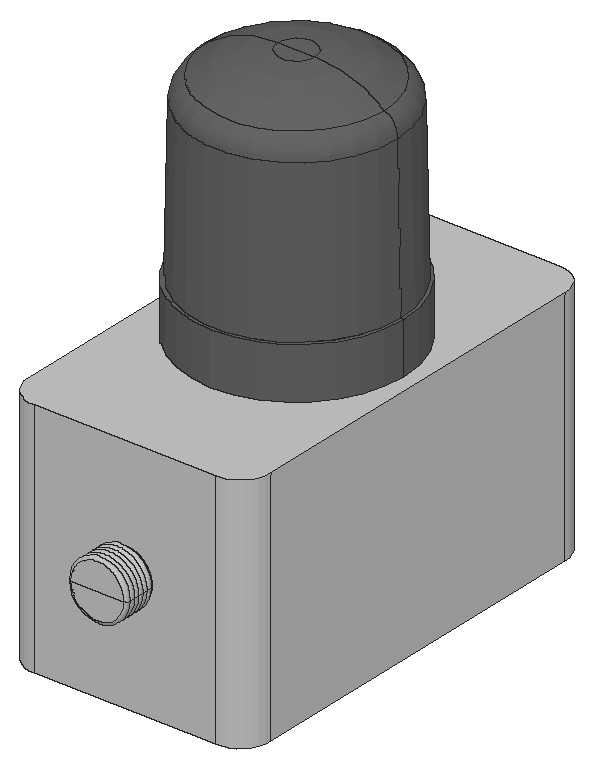
Revit family "WIR-PHOTOCELL", category Communication Devices, host Face, Revit 2021
Family settings
  Host = Face
  Maintain Annotation Orientation = No
  Round Connector Dimension = Use Diameter
  Part Type = Normal
  OmniClass Number = 23.85.80.11.27
  OmniClass Title = Lighting Controls
  Cut with Voids When Loaded = No
  Shared = Yes
  Room Calculation Point = No
Parameters (values of type "WIR-PHOTOCELL")
  Warranty = "5-Years Warranty"  # constant formula
  Type Comments = "wiSCAPE® External Fixture Module"  # constant formula
  Product Page URL = ""
  Product Features = "• On/Off photocell\r\n• Pre-programmed for out-of-the-box photocell operation\r\n• On/Off lighting circuit control with 0-10V full-range dimming\r\n• Bidirectional wirless RF Mesh communications\r\n• Digital input available for motion sensor or switch control\r\n• Military grade AES-128 communication encryption\r\n• Multi-level grouping and multiple scenarios\r\n• Adjustable minimum and maximum dimming levels\r\n• Commercial-grade metering\r\n• Complete integration with wiSCAPE software"  # constant formula
  Product Documentation Link = ""
  URL = "https://www.currentlighting.com/nxlightingcontrols"
  Model = "WIR-PHOTOCELL Series\r"  # constant formula
  Manufacturer = " NX Lighting Controls"  # constant formula
  Description = "The wiSCAPE® Photocell provides On/Off lighting control based on detected light. Designed for outdoor lighting applications that require an external photocell, the wiSCAPE Photocell is a bi-directional wireless RF device that can transmit daytime and nighttime commands to a group or zone of wiSCAPE-enabled luminaires"  # constant formula
  Default Elevation = 48.00"
  Copyright = "Copyright ©  NX Lighting Controls"  # constant formula
  Contact Us = ""
  Housing Material = Paint - Carbon Black
  Certifications = "ETL/UL 916 Listed\r\nTitle 24 Listed\r\nRoHS compliant"  # constant formula
  Base = Metal-Galvanized_Steel
  Assembly Code = "D5090"
Reference planes (in)
  plane 1 "Center (Front/Back)": y = 13.01342
  plane 2: z = 0
  plane 3 "Center (Left/Right)": x = 0
  plane 4: x = -1.56406
  plane 5: x = 1.56406
  plane 6: y = 11.36342
  plane 7: y = 14.66342
  plane 8: z = 3.75
  plane 9: y = 16.14342
  plane 10: y = 9.88342
  plane 11: x = -1.77
  plane 12: x = 1.77
Forms (in)
  Revolve 1, solid, material "Paint - Carbon Black" <- "Housing Material"
    sketch origin (0, 13.01342, 0) x (1, 0, 0) y (0, 0, 1)
      loop
        line (0, 0.00805) -> (1.56406, 0.00805) -> (1.56406, 0.75805) -> (1.51079, 0.75805) -> (1.47029, 3.07846)
        arc (1.47029, 3.07846) -> (1.41806, 3.25928) -> (1.2819, 3.38923) r 0.36098
        arc (1.2819, 3.38923) -> (0.80153, 3.63835) -> (0.26833, 3.73059) r 1.76897
        line (0.26833, 3.73059) -> (0, 3.73059) -> (0, 0.00805)
      axis (0, 3.73059) -> (0, 0.00805)
    angle from 0 to 360
  Extrusion 2, solid, material "Metal-Galvanized_Steel" <- "Base"
    sketch origin (0, 0, 0) x (1, 0, 0) y (0, 1, 0)
      loop
        line (-1.32, 9.88342) -> (1.32, 9.88342)
        arc (1.32, 9.88342) -> (1.6382, 10.01522) -> (1.77, 10.33342) r 0.45
        line (1.77, 10.33342) -> (1.77, 15.69342)
        arc (1.77, 15.69342) -> (1.6382, 16.01162) -> (1.32, 16.14342) r 0.45
        line (1.32, 16.14342) -> (-1.32, 16.14342)
        arc (-1.32, 16.14342) -> (-1.6382, 16.01162) -> (-1.77, 15.69342) r 0.45
        line (-1.77, 15.69342) -> (-1.77, 10.33342)
        arc (-1.77, 10.33342) -> (-1.6382, 10.01522) -> (-1.32, 9.88342) r 0.45
    from -3.50189 to 0
  Revolve 3, solid, material "Metal-Galvanized_Steel" <- "Base"
    sketch origin (0, 0, -1.75) x (1, 0, 0) y (0, 1, 0)
      loop
        line (0, 9.90799) -> (0, 9.38342) -> (0.38838, 9.38342)
        arc (0.38838, 9.38342) -> (0.42694, 9.42198) -> (0.38838, 9.46053) r 0.03856
        arc (0.38838, 9.46053) -> (0.42694, 9.49909) -> (0.38838, 9.53765) r 0.03856
        arc (0.38838, 9.53765) -> (0.42694, 9.57621) -> (0.38838, 9.61476) r 0.03856
        arc (0.38838, 9.61476) -> (0.42694, 9.65332) -> (0.38838, 9.69188) r 0.03856
        arc (0.38838, 9.69188) -> (0.42694, 9.73044) -> (0.38838, 9.76899) r 0.03856
        arc (0.38838, 9.76899) -> (0.42694, 9.80755) -> (0.38838, 9.84611) r 0.03856
        line (0.38838, 9.84611) -> (0.38838, 9.90799) -> (0, 9.90799)
      axis (0, 9.90799) -> (0, 9.38342)
    angle from 0 to 360
Dimensions and locks (in)
  plane 5 to plane 4 = 3.12813"
  equal spacing: plane 5, plane 3 "Center (Left/Right)", plane 4
  aligned and locked: plane 2 to host face
  aligned and locked: level to host face
Automatic sketch dimensions
  host sketch curve to host sketch curve = 96.00"  (x2)
  Revolve 1 sketch curve to plane 3 "Center (Left/Right)" = 0.00"  (x2)
  Revolve 1 sketch curve to plane 5 = 0.00"
  plane 3 "Center (Left/Right)" to Revolve 1 sketch curve = 0.23693"
  plane 8 to Revolve 1 sketch curve = 0.01941"
  plane 3 "Center (Left/Right)" to Revolve 1 sketch curve = 0.26833"
  Revolve 1 sketch curve to plane 5 = 0.4547"
  Revolve 1 sketch curve to plane 5 = 0.09378"
  Revolve 1 sketch curve to plane 5 = 0.05327"
  plane 8 to Revolve 1 sketch curve = 0.67154"
  Revolve 1 sketch curve to Revolve 1 sketch curve = 0.0063"
  Revolve 1 sketch curve to Revolve 1 sketch curve = 1.11027"
  level to Revolve 1 sketch curve = 0.75805"
  level to Revolve 1 sketch curve = 0.00805"
  Revolve 1 sketch curve to level = 24.00"
  Revolve 1 sketch curve to plane 8 = 51.77668"
  Extrusion 2 sketch curve to plane 11 = 0.00"
  plane 9 to Extrusion 2 sketch curve = 0.00"
  plane 10 to Extrusion 2 sketch curve = 0.00"
  Extrusion 2 sketch curve to plane 12 = 0.00"
  plane 4 to Extrusion 2 sketch curve = 0.24406"  (x2)
  Extrusion 2 sketch curve to plane 5 = 0.24406"  (x2)
  Revolve 3 sketch curve to plane 3 "Center (Left/Right)" = 0.00"  (x2)
  plane 3 "Center (Left/Right)" to Revolve 3 sketch curve = 0.38838"
  Revolve 3 sketch curve to Revolve 3 sketch curve = 0.00"  (x9)
  plane 10 to Revolve 3 sketch curve = 0.50"
  Revolve 3 sketch curve to Revolve 3 sketch curve = 0.03856"  (x2)
  Revolve 3 sketch curve to Revolve 3 sketch curve = 0.07711"  (x3)
  plane 10 to Revolve 3 sketch curve = 0.07587"
  plane 10 to Revolve 3 sketch curve = 0.03731"
  Revolve 3 sketch curve to plane 10 = 0.02457"
  Revolve 3 sketch curve to Revolve 3 sketch curve = 2.24"
  Revolve 3 sketch curve to plane 9 = 3.50"
Connectors (in)
  electrical at (0, 13.01342, 0.00805)
    settings: on Revolve 1, index 1, voltage 0 V, apparent load 0 VA, apparent load phase1 0 VA, apparent load phase2 0 VA, apparent load phase3 0 VA, power factor 1, load classification "Other", number of poles 1, system type 13, power factor state 1, is connector primary yes, connector utility no, sub classification motor no, connector description ""
